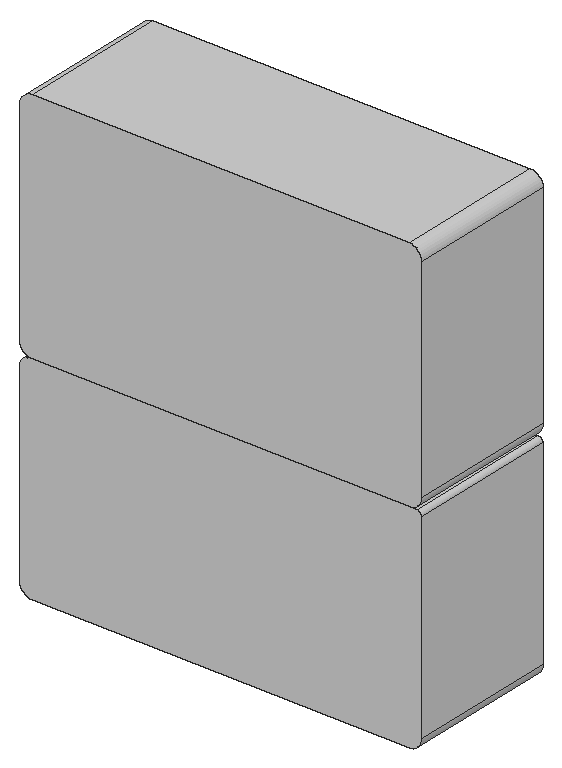
Revit family "Building-IEC309Boards-GEWISS-68QDIN-DISTRIBUTION-BOARD-14MOD_2SOCKET-OUTLETS_IB_ORIZ", category Attrezzatura elettrica, host Muro, Revit 2016
Family settings
  Host = Muro
  Configurazione quadro = Due colonne, circuiti in orizzontale
  Tipo di parte = Pannello comandi
  Quota connettore circolare = Usa diametro
  Numero OmniClass = 23.80.30.11.17
  Titolo OmniClass = Distribution Boards and Control Panels
  Sempre verticale = Sì
  Taglio con vuoti quando caricato = No
  Condiviso = No
  Punto di calcolo locali = No
Parameters (values of type "GW68006N - Q-DIN 14M.2 FLANGES S.O.BL.HOR.SBF IP65")
  potenza = 0 V
  Working temperature = "-25 ÷ +40 °C"
  Voltaggio = "400V"
  Vista di pianta [instance] = yes
  Vetro = GEWISS - vetro
  Version type = "Empty"
  Version file RFA = "18.0"
  URL = "https://www.gewiss.com/ww/en"
  Thermo-pressure with ball = "70 °C"
  Technical sheet = "https://www.gewiss.com/ww/en/search?q=GW68006N"
  Struttura = GEWISS - Grigio RAL - 7035
  Simbolo Acceso [instance] = yes
  Shock resistance = "IK08"
  SEO = "Board"
  Realized by GEWISS S.p.A. = ""
  Produttore = "GEWISS S.p.A."
  Presa = GEWISS - Grigio RAL - 7035
  Operating temperature: = "-25 +40 °C"
  Offset etichetta nome quadro [instance] = 125 mm
  Panel Name [instance] = "NOME"
  No. of provided blank lids = "1 IB 16/32A"
  No. of modules EN 50022 = "14"
  No. of blank lids supplied = "1 IB 16/32A"
  No. IB socket-outlets houseable = "2 IB Horiz. 16/32A SBF IP44 side by side"
  Modello = "GW68006N"
  Lunghezza = 320 mm
  Insulation class = "II"
  Installation type = "Surface-mounting"
  Immagine tipo = GW68006N.jpg
  IP degree = "IP65"
  IFC.TypeObject = ""
  IFC.ExportType = ""
  IFC.ExportAs = ""
  IDT = "025e6d85-348f-4064-8737-2dc7c756130e"
  IDF = "f4e0af6f-28e3-4579-84bf-f9a4547446fa"
  Houseable socket = "2 IB Horiz. 16/32A SBF IP44 side by side"
  Houseable interloc. socket. = "2 IB Horiz. 16/32A SBF IP44 side by side"
  H_da terra = 500 mm
  Glow Wire Test = "650°C"
  Electrocod = "2242"
  ETICHETTA NOME QUADRO [instance] = yes
  EAN code = "8011564744776"
  Distanza orizzontale del simbolo [instance] = 0 mm
  Distanza dal muro [instance] = 0 mm
  Dispersible power B (W) = "64"
  Dispersible power A (W) = "24"
  Descrizione = "Q-DIN 14M.2 FLANGES S.O.BL.HOR.SBF IP65"
  Colour = "Grey RAL 7035"
  Classificazione carico = Altro
  Catalogue Range = "68 QDIN"
  Catalogue = "BUILDING"
  Carico apparente = 400 VA
  Cornice simbolo [instance] = no
  COBie.Tagnumber = ""
  COBie.CreatedOn = ""
  COBie.CreatebBy = ""
  COBie.ComponentRegisterItemID = ""
  COBie.Component.TagNumber = ""
  COBie.Component.Space = ""
  COBie.Component.SerialNumber = ""
  COBie.Component.InstallationDate = ""
  COBie.Component.Description = ""
  COBie.Component.BarCode = ""
  Altezza = 360 mm
  Accordance with Standards = "EN 60208 - EN 60670-1 - IEC 60670-24"
Reference planes
  plane 1 "Muro": y = 0
  plane 2 "Centro (Sinistra/Destra)": x = 125
  plane 3 "Indietro": y = 75
  plane 4: z = 500
  plane 5: x = 125
  plane 6: y = 200
Lines and regions (mm)
  Masking region 1, visible <- "Vista di pianta"
    outline origin (0, 0, 0) x (1, 0, 0) y (0, 1, 0)
      loop
        line (-35, 175) -> (-35, 75) -> (285, 75) -> (285, 175) -> (-35, 175)
  Masking region 2
    outline origin (125, 0, 0) x (0, 1, 0) y (0, 0, 1)
      loop
        line (75, 500) -> (195, 500) -> (195, 671.661) -> (75, 671.661) -> (75, 500)
  Masking region 3
    outline origin (125, 0, 0) x (0, 1, 0) y (0, 0, 1)
      loop
        line (75, 860) -> (75, 693) -> (175, 693) -> (175, 860) -> (75, 860)
Text (mm)
  text "Lato posizionamento" at (-1848.837, 1116.779, 0), in view "Livello rif."
  text "Lato posizionamento" at (0, 1409.804, 2854.306), in view "Sinistra"
  text "Lato posizionamento" at (0, 499.811, 2980.732), in view "Destra"
Dimensions and locks
  locked: plane 3 "Indietro" to host wall
  "H_da terra": level to plane 4
  "Offset etichetta nome quadro": plane 3 "Indietro" to plane 6
  "Distanza orizzontale del simbolo": plane 5 to plane 2 "Centro (Sinistra/Destra)"
  aligned and locked: plane 1 "Muro" to host wall
  aligned and locked: nested 1 to plane 3 "Indietro"
  aligned and locked: plane 4 to nested 1
  aligned and locked: nested 2 to plane 6
  aligned and locked: plane 5 to nested 3
  aligned and locked: Masking region 1 sketch curve to nested 1  (x4)
  aligned and locked: Masking region 2 sketch curve to nested 1  (x4)
  aligned and locked: Masking region 3 sketch curve to nested 1
  aligned and locked: host wall to Masking region 3 sketch curve
  aligned and locked: plane 2 "Centro (Sinistra/Destra)" to nested 4
  aligned and locked: plane 4 to nested 4
Automatic sketch dimensions
  host wall to Masking region 3 sketch curve = 100 mm
  Masking region 3 sketch curve to Masking region 3 sketch curve = 167 mm
Nested families
  nested 1: "QDIN10 QUADRO 2 PRESE  VERT" at (125, 75, 0) x (-1, 0, 0) z (0, 0, 1), type "QDIN10 QUADRO 2 PRESE  VERT"
  nested 2: "NOME QUADRO" at (125, 200, 0), visible <- "ETICHETTA NOME QUADRO", TXT <- "Panel Name", type "NOME QUADRO"
    with TXT "NOME"
  nested 3: "CENTRALINO" at (125, 116.895, 0), BORDO ACCESO <- "Cornice simbolo", SIMBOLO ACCESO <- "Simbolo Acceso", Distanza dal muro <- "Distanza dal muro", type "CENTRALINO"
    with SIMBOLO ACCESO yes, Distanza dal muro 0 mm, BORDO ACCESO no
  nested 4: "2D - QDIN14 QUADRO DISTRIB X2 PRESE IND ORIZ" at (125, 0, 500) x (-1, 0, 0) z (0, -1, 0), type "BIDIMENSIONALE"
Connectors
  electrical at (125, 135, 500), driven by "potenza", driven by "Carico apparente", driven by "Classificazione carico"
    settings: on nested 1, index 1, voltage 0 V, apparent load 0 VA, apparent load phase1 400 VA, apparent load phase2 0 VA, apparent load phase3 0 VA, power factor 1, load classification "Altro", number of poles 1, system type 31, power factor state 1, is connector primary yes, connector utility no, sub classification motor no, connector description ""
Definition of nested family "QDIN10 QUADRO 2 PRESE  VERT"
  Parameters (values of type "QDIN10 QUADRO 2 PRESE  VERT")
    Vetro = none
    Struttura = none
    Spessore = 160 mm
    Default Elevation = 14 mm
    Presa = none
    Lunghezza = 320 mm
    IFC.TypeObject = ""
    IFC.ExportType = ""
    IFC.ExportAs = ""
    H_da terra = 500 mm
    COBie.CreatedOn = ""
    COBie.CreatebBy = ""
    COBie.ComponentRegisterItemID = ""
    COBie.Component.TagNumber = ""
    COBie.Component.Space = ""
    COBie.Component.SerialNumber = ""
    COBie.Component.InstallationDate = ""
    COBie.Component.Description = ""
    COBie.Component.BarCode = ""
    Altezza = 360 mm
  Reference planes
    plane 1 "Centro (Fronte/Retro)": y = 0
    plane 2: z = 0
    plane 3 "Centro (Sinistra/Destra)": x = 0
    plane 4 "s": y = -100
    plane 5: z = 500
    plane 6: z = 860
    plane 7: x = -160
    plane 8: x = 160
    plane 9: z = 693
    plane 10: y = -80.196
    plane 11: z = 672.295
    plane 12: x = 145.006
    plane 13: z = 526.266
    plane 14: x = -145.006
    plane 15: x = -157.597
    plane 16: x = 157.589
    plane 17: z = 702.5
    plane 18: z = 821.463
    plane 19: y = -46.089
    plane 20: y = -87.126
    plane 21: x = 5
    plane 22: x = -5
  Forms (mm)
    Extrusion 1, solid, material <- "Struttura"
      sketch origin (0, 0, 0) x (1, 0, 0) y (0, 0, 1)
        loop
          arc (-150, 860) -> (-157.071, 857.071) -> (-160, 850) r 10
          line (-160, 850) -> (-160, 681.661)
          arc (-160, 681.661) -> (-157.071, 674.59) -> (-150, 671.661) r 10
          line (-150, 671.661) -> (150, 671.661)
          arc (150, 671.661) -> (157.071, 674.59) -> (160, 681.661) r 10
          line (160, 681.661) -> (160, 850)
          arc (160, 850) -> (157.071, 857.071) -> (150, 860) r 10
          line (150, 860) -> (-150, 860)
      from 0 to 120
    Extrusion 2, solid, material <- "Struttura"
      sketch origin (0, 0, 0) x (1, 0, 0) y (0, 0, 1)
        loop
          line (152.45, 671.661) -> (-156.38, 671.661)
          arc (-156.38, 671.661) -> (-158.94, 670.601) -> (-160, 668.041) r 3.62
          line (-160, 668.041) -> (-160, 510)
          arc (-160, 510) -> (-157.071, 502.929) -> (-150, 500) r 10
          line (-150, 500) -> (150, 500)
          arc (150, 500) -> (157.071, 502.929) -> (160, 510) r 10
          line (160, 510) -> (160, 664.11)
          arc (160, 664.11) -> (157.789, 669.449) -> (152.45, 671.661) r 7.55
      from 0 to 120
    Extrusion 3, void
      sketch origin (0, 0, 0) x (1, 0, 0) y (0, 0, 1)
        loop
          line (-157.597, 821.463) -> (-157.597, 702.5) -> (157.589, 702.5) -> (157.589, 821.463) -> (-157.597, 821.463)
      from 46.089 to 120
    Extrusion 4, solid, material <- "Vetro", detail levels fine
      sketch origin (0, 0, 0) x (1, 0, 0) y (0, 0, 1)
        loop
          line (-157.597, 821.463) -> (-157.597, 702.5) -> (157.589, 702.5) -> (157.589, 821.463) -> (-157.597, 821.463)
      from 100 to 120.5
    Extrusion 5, solid, material <- "Presa", detail levels fine
      sketch origin (0, 0, 0) x (1, 0, 0) y (0, 0, 1)
        loop
          line (-151.369, 531.965) -> (-5, 531.965) -> (-5, 634.69) -> (-151.369, 634.69) -> (-151.369, 531.965)
        loop
          line (5, 634.69) -> (5, 531.965) -> (151.764, 531.965) -> (151.764, 634.69) -> (5, 634.69)
      from 120 to 122
  Cuts and joins
    Extrusion 3 cuts Extrusion 1
  Dimensions and locks
    plane 4 "s" to plane 1 "Centro (Fronte/Retro)" = 100 mm  (x2)
    "H_da terra": plane 5 to level
    equal spacing: plane 7, plane 3 "Centro (Sinistra/Destra)", plane 8
    "Lunghezza": plane 7 to plane 8
    locked: plane 4 "s" to plane 10 at 19.804
    locked: plane 12 to plane 8 at 14.994
    locked: plane 13 to plane 5 at 26.266
    locked: plane 14 to plane 7 at 14.994
    locked: plane 6 to plane 18 at 38.537
    locked: plane 17 to plane 9 at 9.5
    locked: plane 7 to plane 15 at 2.403
    locked: plane 16 to plane 8 at 2.411
    locked: plane 4 "s" to plane 19 at 53.911
    locked: plane 4 "s" to plane 20 at 12.874
    locked: plane 9 to plane 11 at 20.705
    "Altezza": plane 6 to plane 5
    locked: plane 18 to plane 17 at 118.963
    equal spacing: plane 21, plane 3 "Centro (Sinistra/Destra)", plane 22
    aligned and locked: level to plane 2
    aligned and locked: Extrusion 1 sketch curve to plane 6
    aligned and locked: Extrusion 1 sketch curve to plane 8
    aligned and locked: Extrusion 1 sketch curve to plane 7
    aligned and locked: Extrusion 2 sketch curve to plane 8
    aligned and locked: Extrusion 2 sketch curve to plane 7
    aligned and locked: Extrusion 2 sketch curve to plane 5
    aligned and locked: Extrusion 3 sketch curve to plane 18
    aligned and locked: Extrusion 3 sketch curve to plane 16
    aligned and locked: Extrusion 3 sketch curve to plane 15
    aligned and locked: Extrusion 3 sketch curve to plane 17
    aligned and locked: plane 19 to cut or joined group of Extrusion 1, Extrusion 3
    aligned and locked: Extrusion 4 sketch curve to plane 18
    aligned and locked: Extrusion 4 sketch curve to plane 16
    aligned and locked: Extrusion 4 sketch curve to plane 17
    aligned and locked: Extrusion 4 sketch curve to plane 15
    aligned and locked: plane 22 to Extrusion 5 sketch curve
    aligned and locked: plane 21 to Extrusion 5 sketch curve
    aligned and locked: Extrusion 2 to cut or joined group of Extrusion 1, Extrusion 3
  Automatic sketch dimensions
    Extrusion 1 sketch curve to Extrusion 1 sketch curve = 10 mm  (x2)
    Extrusion 1 sketch curve to plane 7 = 10 mm
    plane 8 to Extrusion 1 sketch curve = 10 mm
    Extrusion 2 sketch curve to Extrusion 2 sketch curve = 3.62 mm
    Extrusion 2 sketch curve to plane 7 = 10 mm
    Extrusion 2 sketch curve to Extrusion 2 sketch curve = 10 mm
    plane 8 to Extrusion 2 sketch curve = 7.55 mm
    Extrusion 5 sketch curve to plane 11 = 37.605 mm  (x2)
    plane 17 to Extrusion 1 sketch curve = 20.839 mm
    Extrusion 2 sketch curve to plane 11 = 8.185 mm
    Extrusion 5 sketch curve to plane 14 = 6.364 mm
    plane 12 to Extrusion 5 sketch curve = 6.758 mm
    plane 13 to Extrusion 5 sketch curve = 5.699 mm  (x2)
Definition of nested family "NOME QUADRO"
  Parameters (values of type "NOME QUADRO")
    TXT [instance] = ""
  Reference planes
    plane 1: y = 0
    plane 2: x = 0
  Text (mm)
    label "NOME QUADRO" at (0.217, 0.029, 0), shows "TXT"
Definition of nested family "CENTRALINO"
  Parameters (values of type "CENTRALINO")
    SIMBOLO ACCESO [instance] = yes
    Distanza dal muro [instance] = 0 mm
    BORDO ACCESO [instance] = yes
  Reference planes
    plane 1: y = 0
    plane 2: x = 0
  Dimensions and locks
    "Distanza dal muro": plane 1 to nested 1
    aligned and locked: plane 2 to nested 1
  Nested families
    nested 1: "CENTRALINO_BASE" at (0, 0, 0), BORDO ACCESO <- "BORDO ACCESO", visible <- "SIMBOLO ACCESO", type "CENTRALINO"
      with BORDO ACCESO yes
  Definition of nested family "CENTRALINO_BASE"
    Parameters (values of type "CENTRALINO")
      Distanza dal muro = 0 mm
      BORDO ACCESO [instance] = yes
    Reference planes
      plane 1: y = 0
      plane 2: x = 0
    Lines and regions (mm)
      detail lines, visible <- "BORDO ACCESO", not visible
        curve 1: line (-2.443, 10.208, 0) -> (2.057, 10.208, 0)
        curve 2: line (2.057, 10.208, 0) -> (2.057, 4.208, 0)
        curve 3: line (2.057, 4.208, 0) -> (-2.443, 4.208, 0)
        curve 4: line (-2.443, 4.208, 0) -> (-2.443, 10.208, 0)
        curve 5: line (-2.043, 9.808, 0) -> (1.657, 9.808, 0)
        curve 6: line (1.657, 9.808, 0) -> (1.657, 4.608, 0)
        curve 7: line (1.657, 4.608, 0) -> (-2.043, 4.608, 0)
        curve 8: line (-2.043, 4.608, 0) -> (-2.043, 9.808, 0)
      detail lines
        curve 9: line (0, 0.905, 0) -> (0, 0.235, 0)
        curve 10: line (0.659, 0.905, 0) -> (0.659, 1.564, 0)
        curve 11: line (0.659, 1.564, 0) -> (-0.659, 1.564, 0)
        curve 12: line (-0.659, 1.564, 0) -> (-0.659, 0.905, 0)
        curve 13: line (-0.659, 0.905, 0) -> (0.659, 0.905, 0)
        curve 14: line (0.497, 1.564, 0) -> (0.497, 2.235, 0)
        curve 15: line (0.167, 1.564, 0) -> (0.167, 2.235, 0)
        curve 16: line (-0.162, 1.564, 0) -> (-0.162, 2.235, 0)
        curve 17: line (-0.491, 1.564, 0) -> (-0.491, 2.235, 0)
Definition of nested family "2D - QDIN14 QUADRO DISTRIB X2 PRESE IND ORIZ"
  Reference planes
    plane 1 "Centro (Fronte/Retro)": y = 0
    plane 2: z = 0
    plane 3 "Centro (Sinistra/Destra)": x = 0
  Lines and regions (mm)
    model lines, in view "Livello rif."
      curve 1: arc (10.25, 180.638, 0) -> (-3.92, 190.108, 0) -> (-7.252, 173.394, 0) r 10.25
      curve 2: arc (7.251, 173.393, 0) -> (9.471, 176.717, 0) -> (10.25, 180.638, 0) r 10.25
      curve 3: arc (144, 0, 0) -> (152.145, 2.228, 0) -> (158.021, 8.292, 0) r 16
      curve 4: arc (-158.02, 8.29, 0) -> (-152.144, 2.227, 0) -> (-144, 0, 0) r 16
      curve 5: arc (-144, 360, 0) -> (-152.144, 357.773, 0) -> (-158.02, 351.71, 0) r 16
      curve 6: arc (158.02, 351.71, 0) -> (152.144, 357.773, 0) -> (144, 360, 0) r 16
      curve 7: arc (-53.943, 198.754, 0) -> (-54.717, 198.013, 0) -> (-55, 196.979, 0) r 2.01
      curve 8: arc (-35, 203.496, 0) -> (-44.764, 202.293, 0) -> (-53.943, 198.754, 0) r 40.184
      curve 9: arc (53.941, 198.754, 0) -> (44.763, 202.293, 0) -> (35, 203.496, 0) r 40.185
      curve 10: arc (55, 196.979, 0) -> (54.716, 198.013, 0) -> (53.941, 198.754, 0) r 2.01
      curve 11: arc (-55, 186.807, 0) -> (-54.711, 185.765, 0) -> (-53.924, 185.024, 0) r 2.009
      curve 12: arc (53.924, 185.024, 0) -> (54.711, 185.765, 0) -> (55, 186.807, 0) r 2.009
      curve 13: arc (-7.252, 173.394, 0) -> (-5.306, 172.094, 0) -> (-3.01, 171.638, 0) r 6
      curve 14: arc (3.01, 171.638, 0) -> (5.305, 172.094, 0) -> (7.251, 173.393, 0) r 6
      curve 15: arc (-158.02, 351.71, 0) -> (-159.497, 347.98, 0) -> (-160, 344, 0) r 16
      curve 16: arc (-160, 16, 0) -> (-155.314, 4.686, 0) -> (-144, 0, 0) r 16
      curve 17: arc (144, 0, 0) -> (155.314, 4.686, 0) -> (160, 16, 0) r 16
      curve 18: arc (160, 344, 0) -> (159.497, 347.98, 0) -> (158.02, 351.71, 0) r 16
      curve 19: line (-99.843, 192.498, 0) -> (-55.5, 192.498, 0)
      curve 20: line (-116.157, 192.498, 0) -> (-141.291, 192.498, 0)
      curve 21: line (-141.791, 192.498, 0) -> (141.791, 192.498, 0)
      curve 22: line (144, 359.944, 0) -> (-144, 359.944, 0)
      curve 23: line (160, 344, 0) -> (159.945, 336.827, 0)
      curve 24: line (160, 336.779, 0) -> (160, 23.221, 0)
      curve 25: line (160, 23.221, 0) -> (160, 16, 0)
      curve 26: line (-160, 23.228, 0) -> (-160, 336.772, 0)
      curve 27: line (-144, 0, 0) -> (144, 0, 0)
      curve 28: line (-55, 190.77, 0) -> (-55, 196.979, 0)
      curve 29: line (35, 203.496, 0) -> (-35, 203.496, 0)
      curve 30: line (55, 190.77, 0) -> (55, 196.979, 0)
      curve 31: line (-141.791, 170.309, 0) -> (-141.791, 290.128, 0)
      curve 32: line (-141.791, 290.128, 0) -> (141.791, 290.128, 0)
      curve 33: line (141.791, 290.128, 0) -> (141.791, 170.309, 0)
      curve 34: line (55, 190.77, 0) -> (55, 186.807, 0)
      curve 35: line (-55, 190.77, 0) -> (-55, 186.807, 0)
      curve 36: line (-53.924, 185.024, 0) -> (-54.809, 184.642, 0)
      curve 37: line (53.924, 185.024, 0) -> (54.853, 184.722, 0)
      curve 38: line (3.01, 171.638, 0) -> (-3.01, 171.638, 0)
      curve 39: line (-160, 344, 0) -> (-160, 16, 0)
      curve 40: line (-144, 0.055, 0) -> (144, 0.055, 0)
      curve 41: line (-126, 267.5, 0) -> (126, 267.5, 0)
      curve 42: line (126, 267.5, 0) -> (126, 222.5, 0)
      curve 43: line (126, 222.5, 0) -> (-126, 222.5, 0)
      curve 44: line (-126, 222.5, 0) -> (-126, 267.5, 0)
      curve 45: line (-54.809, 184.642, 0) -> (-54.747, 184.452, 0)
      curve 46: line (-54.747, 184.452, 0) -> (-54.587, 184.166, 0)
      curve 47: line (-54.587, 184.166, 0) -> (-54.383, 183.919, 0)
      curve 48: line (-54.383, 183.919, 0) -> (-54.164, 183.744, 0)
      curve 49: line (-54.164, 183.744, 0) -> (-53.447, 183.311, 0)
      curve 50: line (-53.447, 183.311, 0) -> (-52.691, 182.878, 0)
      curve 51: line (-52.691, 182.878, 0) -> (-51.465, 182.226, 0)
      curve 52: line (-51.465, 182.226, 0) -> (-50.212, 181.618, 0)
      curve 53: line (-50.212, 181.618, 0) -> (-48.933, 181.055, 0)
      curve 54: line (-48.933, 181.055, 0) -> (-47.632, 180.541, 0)
      curve 55: line (-47.632, 180.541, 0) -> (-46.312, 180.077, 0)
      curve 56: line (-46.312, 180.077, 0) -> (-44.979, 179.664, 0)
      curve 57: line (-44.979, 179.664, 0) -> (-43.612, 179.298, 0)
      curve 58: line (-43.612, 179.298, 0) -> (-42.233, 178.985, 0)
      curve 59: line (-42.233, 178.985, 0) -> (-40.842, 178.726, 0)
      curve 60: line (-40.842, 178.726, 0) -> (-39.44, 178.522, 0)
      curve 61: line (-39.44, 178.522, 0) -> (-37.963, 178.367, 0)
      curve 62: line (-37.963, 178.367, 0) -> (-36.481, 178.274, 0)
      curve 63: line (-36.481, 178.274, 0) -> (-35.001, 178.243, 0)
      curve 64: line (35.002, 178.243, 0) -> (36.022, 178.258, 0)
      curve 65: line (36.022, 178.258, 0) -> (37.046, 178.302, 0)
      curve 66: line (37.046, 178.302, 0) -> (38.069, 178.376, 0)
      curve 67: line (38.069, 178.376, 0) -> (39.09, 178.48, 0)
      curve 68: line (39.09, 178.48, 0) -> (40.46, 178.665, 0)
      curve 69: line (40.46, 178.665, 0) -> (41.82, 178.903, 0)
      curve 70: line (41.82, 178.903, 0) -> (43.169, 179.191, 0)
      curve 71: line (43.169, 179.191, 0) -> (44.516, 179.534, 0)
      curve 72: line (44.516, 179.534, 0) -> (45.851, 179.928, 0)
      curve 73: line (45.851, 179.928, 0) -> (47.177, 180.375, 0)
      curve 74: line (47.177, 180.375, 0) -> (48.487, 180.873, 0)
      curve 75: line (48.487, 180.873, 0) -> (49.776, 181.419, 0)
      curve 76: line (49.776, 181.419, 0) -> (51.04, 182.013, 0)
      curve 77: line (51.04, 182.013, 0) -> (52.269, 182.647, 0)
      curve 78: line (52.269, 182.647, 0) -> (53.47, 183.324, 0)
      curve 79: line (53.47, 183.324, 0) -> (54.164, 183.744, 0)
      curve 80: line (54.164, 183.744, 0) -> (54.386, 183.921, 0)
      curve 81: line (54.386, 183.921, 0) -> (54.589, 184.17, 0)
      curve 82: line (54.589, 184.17, 0) -> (54.748, 184.456, 0)
      curve 83: line (54.748, 184.456, 0) -> (54.81, 184.645, 0)
      curve 84: line (-10.276, 178.243, 0) -> (-35.001, 178.243, 0)
      curve 85: line (10.276, 178.243, 0) -> (35.002, 178.243, 0)
    detail lines, in view "Livello rif."
      curve 86: line (-141.791, 170.309, 0) -> (141.791, 170.309, 0)
